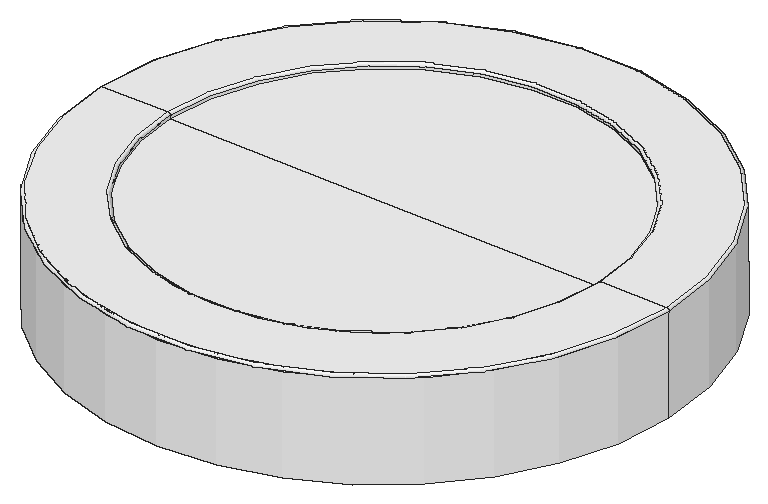
Revit family "0053320 Feilo Sylvania Lighting Fixture SYLFLAT SURFACE DIM 2000 R 3000K", category Lighting Fixtures, host Face, Revit 2016
Family settings
  Host = Face
  Part Type = Normal
  Round Connector Dimension = Use Diameter
  OmniClass Number = 23.80.70.00
  OmniClass Title = Lighting
  Cut with Voids When Loaded = No
  Light Source = Yes
  Shared = No
  Room Calculation Point = No
Parameters (values of type "0053320 SYLFLAT SURFACE DIM 2000 R 3000K")
  Width_FEILO = 226 mm
  WidthDiffuser_FEILO = if(Square_FEILO, 168 mm, Width_FEILO / 1.3294)  # 170 mm
  Weight = "6.54 kg"
  Wattage Comments = ""
  Wattage = 23 W
  WarrantyStartDate [instance] = "n/a"
  WarrantyGuarantorParts = "n/a"
  WarrantyDurationUnit = "n/a"
  WarrantyDurationParts = "n/a"
  WarrantyDescription = "n/a"
  built-in parameter 1150110 = 1 (stored number, unit not read)
  Voltage = 230 V
  URL = "http://www.feilosylvania.com"
  TypeName = "SYLFLAT SURFACE DIM 2000 R 3000K"
  Type Image = <None>
  Type Comments = "n/a"
  built-in parameter 1114217 = 1 (stored number, unit not read)
  Tilt Angle = -90.00°
  built-in parameter 1150109 = 1 (stored number, unit not read)
  built-in parameter 1150134 = (empty or 0)
  built-in parameter 1150113 = 1 (stored number, unit not read)
  Square_FEILO = no
  SerialNumber [instance] = "n/a"
  Round_FEILO = not(Square_FEILO)  # yes
  RadiusSquare_FEILO = 10 mm
  RadiusDiffuser_FEILO = 7 mm
  Photometric Web File = "0053320.ies"
  Material_3_FEILO = none
  PowerFactor = 0.9
  PowerConsumption = "23 W"
  NominalLength = 226 mm
  NominalHeight = 39 mm
  NominalDepth = 226 mm
  Name = "SYLFLAT SURFACE DIM 2000 R 3000K"
  ModelReference = Name  # "SYLFLAT SURFACE DIM 2000 R 3000K"
  ModelNumber = "0053320"
  Model = Name  # "SYLFLAT SURFACE DIM 2000 R 3000K"
  Material = "aluminium housing, polystyrene diffuser"
  ManufacturerName = "Feilo Sylvania"
  Manufacturer = "Feilo Sylvania"
  LuminousEfficacy = "84.35 lm/W"
  built-in parameter 1150105 = 681.12 (stored number, unit not read)
  Lumens = 1940.05 lm
  LuminaireType = ""
  built-in parameter 1150115 = 1 (stored number, unit not read)
  LightOutputRatio = "n/a"
  built-in parameter 1150137 = (empty or 0)
  built-in parameter 1150139 = (empty or 0)
  LampsType = Lamp  # "LED"
  LampNominalLuminous = "1888 lm"
  LampMacAdamStep = "n/a"
  LampColourTemperature = "3000 K"
  LampColourRenderingIndex = "80"
  built-in parameter 1150112 = 1 (stored number, unit not read)
  built-in parameter 1150114 = 1 (stored number, unit not read)
  Lamp = "LED"
  Keynote = "16500"
  InstallationDate [instance] = "n/a"
  InputVoltage = "220-240V~"
  InputNominalFrequency = "50/60 Hz"
  built-in parameter 1150132 = (empty or 0)
  built-in parameter 1150102 = (empty or 0)
  built-in parameter 1150107 = 3000 (stored number, unit not read)
  built-in parameter 1150138 = (empty or 0)
  IngressProtection = "IP20"
  ImpactProtectionIndex = "IK06"
  built-in parameter 1150106 = 6.8112 (stored number, unit not read)
  IfcExportType = "IfcLightFixtureType"
  IfcExportAs = "IfcLightFixtureType"
  ExpectedLife = 50000
  Emit from Circle Diameter = WidthDiffuser_FEILO  # 170 mm
  Emit Shape Visible in Rendering = no
  ElectricShockClassification = "Class II"
  built-in parameter 1150104 = 7.8364 (stored number, unit not read)
  DurationUnit = "hours"
  DocumentationLiterature = "http://www.feilosylvania.com/product/en-int/products/0053320"
  DimmingControlOptions = "Dimmable"
  Material_2_FEILO = LED-Sylvania-SylflatSurface
  Dimming Lamp Color Temperature Shift = <None>
  Description = "Integrated LED surface mounted downlight providing 1940 fixture lumens at a wattage of 23W giving a high efficacy of 84lm/W. Fitting includes Leading/Trailing edge phase dimmable driver and has a round outer dimmension of of 226x226x39mm with an IP20 and IK02 rating providing uniform distribution with an Opal diffuser and 110° beam angle. Provided including a Loop in Loop out box and built with a white aluminium housing."
  Default Elevation = 1219.2 mm
  CreatedOn = "2/15/2018"
  CreatedBy = "aron.fodor@feilosylvania.com"
  Cost = 0
  Color Filter = 16777215
  built-in parameter 1114216 [instance] = (empty or 0)
  ClassificationValue = "EF_70_80"
  ClassificationName = "Uniclass2015"
  Material_1_FEILO = Body-Sylvania-SylflatSurface-White
  BarCode [instance] = "n/a"
  built-in parameter 1114218 = 1 (stored number, unit not read)
  built-in parameter 1150133 = 10 (stored number, unit not read)
  AssetType = "Fixed"
  AssetIdentifier [instance] = "n/a"
  Assembly Code = "D5020200"
  Apparent Load = 23 VA
  Material_4_FEILO = none
Reference planes
  plane 1 "Center (Front/Back)": y = 0
  plane 2: z = 0
  plane 3 "Center (Left/Right)": x = 0
  plane 4: x = 113
  plane 5: x = -113
  plane 6: y = 113
  plane 7: y = -113
  plane 8: x = -103
  plane 9: y = 103
  plane 10: x = 103
  plane 11: y = -103
  plane 12: y = 85
  plane 13: y = -85
  plane 14: x = 85
  plane 15: x = -85
  plane 16: x = -78
  plane 17: y = 78
  plane 18: x = 78
  plane 19: y = -78
  plane 20: z = 39
  plane 21: x = -112
  plane 22: z = 38
  plane 23: z = 37
  plane 24: x = -86
Forms (mm)
  Revolve 1, solid, material "Body-Sylvania-SylflatSurface-White" <- "Material_1_FEILO", visible <- "Round_FEILO"
    sketch origin (0, 0, 0) x (1, 0, 0) y (0, 0, 1)
      loop
        line (0, 0) -> (0, 37) -> (-85, 37) -> (-85, 38)
        arc (-85, 38) -> (-85.293, 38.707) -> (-86, 39) r 1
        line (-86, 39) -> (-112, 39)
        arc (-112, 39) -> (-112.707, 38.707) -> (-113, 38) r 1
        line (-113, 38) -> (-113, 0) -> (0, 0)
      axis (0, 39) -> (0, 0)
    angle from 360 to 0
  Extrusion 2, solid, material "Body-Sylvania-SylflatSurface-White" <- "Material_1_FEILO", visible <- "Square_FEILO"
    sketch origin (0, 0, 0) x (1, 0, 0) y (0, 1, 0)
      loop
        arc (-113, -103) -> (-110.071, -110.071) -> (-103, -113) r 10
        line (-103, -113) -> (103, -113)
        arc (103, -113) -> (110.071, -110.071) -> (113, -103) r 10
        line (113, -103) -> (113, 103)
        arc (113, 103) -> (110.071, 110.071) -> (103, 113) r 10
        line (103, 113) -> (-103, 113)
        arc (-103, 113) -> (-110.071, 110.071) -> (-113, 103) r 10
        line (-113, 103) -> (-113, -103)
      loop
        arc (-78, 85) -> (-82.95, 82.95) -> (-85, 78) r 7
        line (-85, 78) -> (-85, -78)
        arc (-85, -78) -> (-82.95, -82.95) -> (-78, -85) r 7
        line (-78, -85) -> (78, -85)
        arc (78, -85) -> (82.95, -82.95) -> (85, -78) r 7
        line (85, -78) -> (85, 78)
        arc (85, 78) -> (82.95, 82.95) -> (78, 85) r 7
        line (78, 85) -> (-78, 85)
    from 0 to 39
  Extrusion 3, solid, material "Body-Sylvania-SylflatSurface-White" <- "Material_1_FEILO", visible <- "Square_FEILO"
    sketch origin (0, 0, 0) x (1, 0, 0) y (0, 1, 0)
      loop
        arc (-78, 85) -> (-82.95, 82.95) -> (-85, 78) r 7
        line (-85, 78) -> (-85, -78)
        arc (-85, -78) -> (-82.95, -82.95) -> (-78, -85) r 7
        line (-78, -85) -> (78, -85)
        arc (78, -85) -> (82.95, -82.95) -> (85, -78) r 7
        line (85, -78) -> (85, 78)
        arc (85, 78) -> (82.95, 82.95) -> (78, 85) r 7
        line (78, 85) -> (-78, 85)
    from 0 to 37
Cuts and joins
  joined: Extrusion 2, Extrusion 3
Dimensions and locks
  equal spacing: plane 5, plane 3 "Center (Left/Right)", plane 4
  equal spacing: plane 7, plane 1 "Center (Front/Back)", plane 6
  "Width_FEILO": plane 7 to plane 6
  "Width_FEILO": plane 5 to plane 4
  equal spacing: plane 11, plane 1 "Center (Front/Back)", plane 9
  "RadiusSquare_FEILO": plane 9 to plane 6
  equal spacing: plane 8, plane 3 "Center (Left/Right)", plane 10
  "RadiusSquare_FEILO": plane 5 to plane 8
  equal spacing: plane 15, plane 3 "Center (Left/Right)", plane 14
  equal spacing: plane 13, plane 1 "Center (Front/Back)", plane 12
  "WidthDiffuser_FEILO": plane 13 to plane 12
  "WidthDiffuser_FEILO": plane 15 to plane 14
  equal spacing: plane 16, plane 3 "Center (Left/Right)", plane 18
  equal spacing: plane 19, plane 1 "Center (Front/Back)", plane 17
  "RadiusDiffuser_FEILO": plane 17 to plane 12
  "RadiusDiffuser_FEILO": plane 15 to plane 16
  locked: plane 20 to plane 2 at 39
  locked: plane 20 to plane 22 at 1
  locked: plane 21 to plane 5 at 1
  locked: plane 20 to plane 23 at 2
  locked: plane 15 to plane 24 at 1
  aligned and locked: plane 2 to host face
  aligned and locked: level to host face
  aligned and locked: Revolve 1 sketch curve to plane 3 "Center (Left/Right)"
  aligned and locked: Revolve 1 sketch curve to Revolve 1 sketch curve
  aligned and locked: Revolve 1 sketch curve to plane 20
  aligned and locked: Revolve 1 sketch curve to plane 5
  aligned and locked: Revolve 1 sketch curve to level
  aligned and locked: plane 23 to Revolve 1 sketch curve
  aligned and locked: plane 21 to Revolve 1 sketch curve
  aligned and locked: plane 20 to Revolve 1 sketch curve
  aligned and locked: plane 22 to Revolve 1 sketch curve  (x2)
  aligned and locked: plane 15 to Revolve 1 sketch curve
  aligned and locked: plane 24 to Revolve 1 sketch curve
  aligned and locked: plane 11 to Extrusion 2 sketch curve  (x3)
  aligned and locked: plane 5 to Extrusion 2 sketch curve  (x2)
  aligned and locked: plane 8 to Extrusion 2 sketch curve  (x4)
  aligned and locked: plane 7 to Extrusion 2 sketch curve
  aligned and locked: plane 4 to Extrusion 2 sketch curve  (x2)
  aligned and locked: plane 10 to Extrusion 2 sketch curve  (x4)
  aligned and locked: Extrusion 2 sketch curve to plane 6
  aligned and locked: plane 9 to Extrusion 2 sketch curve  (x3)
  aligned and locked: Extrusion 2 to level
  aligned and locked: Extrusion 2 to plane 20
  aligned and locked: plane 16 to Extrusion 2 sketch curve  (x3)
  aligned and locked: plane 12 to Extrusion 2 sketch curve  (x2)
  aligned and locked: plane 14 to Extrusion 2 sketch curve
  aligned and locked: plane 15 to Extrusion 2 sketch curve
  aligned and locked: plane 18 to Extrusion 2 sketch curve  (x4)
  aligned and locked: plane 17 to Extrusion 2 sketch curve  (x4)
  aligned and locked: plane 19 to Extrusion 2 sketch curve  (x4)
  aligned and locked: plane 13 to Extrusion 2 sketch curve
  aligned and locked: Extrusion 3 sketch curve to Extrusion 2  (x4)
  aligned and locked: Extrusion 3 to level
  aligned and locked: Extrusion 3 to plane 23
  aligned and locked: plane 3 "Center (Left/Right)" to imposter light
  aligned and locked: imposter light to plane 1 "Center (Front/Back)"
  aligned and locked: imposter light to plane 23
Automatic sketch dimensions
  host sketch curve to host sketch curve = 2438.4 mm  (x2)
  Revolve 1 sketch curve to plane 3 "Center (Left/Right)" = 0 mm
  Revolve 1 sketch curve to level = 609.6 mm
  Revolve 1 sketch curve to plane 20 = 2570.058 mm
Connectors
  electrical at (0, 0, 0), driven by "Apparent Load", driven by "PowerFactor", driven by "Voltage"
    settings: index 1, voltage 230 V, apparent load 23 VA, apparent load phase1 0 VA, apparent load phase2 0 VA, apparent load phase3 0 VA, power factor 0.9, load classification "Lighting", number of poles 1, system type 30, power factor state 1, is connector primary yes, connector utility no, sub classification motor no, connector description ""
